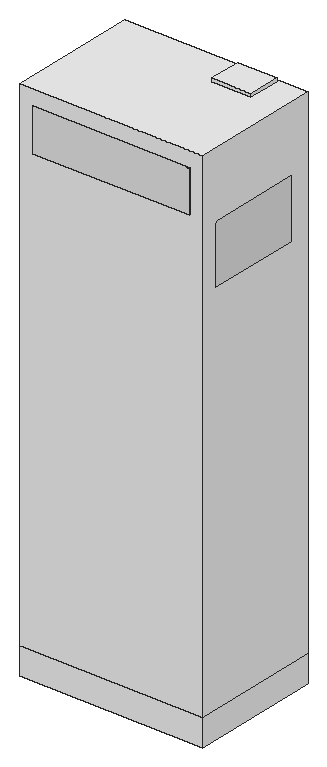
Revit family "BLAUBERG-CIVIC_EC_LB500", category Mechanical Equipment, Revit 2019
Family settings
  Round Connector Dimension = Use Diameter
  Classification = None
  Part Type = Normal
  OmniClass Number = 23.75.35.14
  OmniClass Title = Air Handling Units
  Work Plane-Based = No
  Always vertical = Yes
  Cut with Voids When Loaded = No
  Shared = No
  Room Calculation Point = No
Parameters (values of type "CIVIC EC LBE2 500 S21")
  osW = 380 mm
  osTopOfCenter = 390 mm
  osH = 240 mm
  osBack = 65 mm
  ofW = 640 mm
  ofTopOfCenter = 150 mm
  ofRightCenter = ofRight + ofW / 2  # 375 mm
  ofRight = 55 mm
  ofLeftCenter = ofLeft + ofW / 2  # 375 mm
  ofLeft = 55 mm
  ofH = 175 mm
  elConSide = 200 mm
  elConBack = 75 mm
  dW = 5 mm  # constant formula
  dL = 5 mm  # constant formula
  Weight = 194.00 kg
  W2 = 230 mm
  W1 = 290 mm
  W = 750 mm
  Voltage = 230 V
  URL = "https://blaubergventilatoren.de/en/product/civic-ec-lbe2-500-s21"
  Type Comments = "Single-room heat recovery air handling unit CIVIC EC LBE2 500 S21"
  Transported Air Temperature (°C) = "–25 …+40"
  Supply Air Filter = "G4+F8"
  Sound Pressure Level at 3 m (dBA) = 23
  Sound Pressure Level at 1 m (dBA) = 33
  SEC Class = "A"
  Reheater power = 2800 W
  RPM (min-1) = 2150
  Preheater power = 1400 W
  Power Factor = 1
  Power = Maximum Unit Power Without Electric Heater + Preheater power + Reheater power  # 4430 W
  Number of Poles = 1
  Model = "CIVIC EC LBE2 500 S21"
  Maximum Unit Power Without Electric Heater = 230 W
  Maximum Unit Current Without Electric Heater = 1.7 A
  Maximum Unit Current With Electric Heater = 20 A
  Maximum Air Flow = 580 m³/h
  Manufacturer = "Blauberg"
  Maintenance Zone Side Depth = 350 mm
  Maintenance Zone Material = Maintenance Zone
  Maintenance Zone Front Depth = 800 mm
  Maintenance Zone [instance] = no
  Load Classification = HVAC
  LevellingFeetHeightCalc [instance] = if(Levelling Feet Height > 20 mm, 20 mm, if(Levelling Feet Height < 0 mm, 0 mm, Levelling Feet Height))  # 10 mm
  Levelling Feet Height [instance] = 10 mm
  L1 = 585 mm
  L = 535 mm
  Ht = 13 mm
  Heat recovery efficiency (%) = "75..94"
  Heat Exchanger Type = "counter-flow"
  Heat Exchanger Material = "polystyrene"
  Hc = H - Hb  # 2062 mm
  Hb = 100 mm
  H2 = 328 mm
  H1 = 1833 mm
  H = 2162 mm
  Grid Material = Grid Cross
  Family Version = "1.0"  # constant formula
  Extract Air Filter = "G4x2"
  Duct Connection Diameter = 250 mm
  Drain Flow [instance] = 0.0 L/s
  Drain Connection Diameter = 8 mm
  Description = "Single-room heat recovery air handling unit"
  D1 = 247 mm
  Current = Maximum Unit Current With Electric Heater  # 20 A
  Copyright = "©Blauberg"
  Casing Material = Painted Steel White
  Apparent Power [instance] = Power / Power Factor  # 4430 VA
  Air Flow [instance] = 0 m³/h
  Air Direction Symbol [instance] = yes
Types (4, lengths in mm): name | Weight | URL | Type Comments | Reheater power | Preheater power | Power | Model | Maximum Unit Current With Electric Heater | Current | Apparent Power
  CIVIC EC LB 500 S21 | 191.00 kg | "https://blaubergventilatoren.de/en/product/civic-ec-lb-500-s21" | "Single-room heat recovery air handling unit CIVIC EC LB 500 S21" | 0 W | 0 W | 230 W | "CIVIC EC LB 500 S21" | 1.7 A | 1.7 A | 230 VA
  CIVIC EC LB 500 S14 | 191.00 kg | "https://blaubergventilatoren.de/en/product/civic-ec-lb-500-s14" | "Single-room heat recovery air handling unit CIVIC EC LB 500 S14" | 0 W | 0 W | 230 W | "CIVIC EC LB 500 S14" | 1.7 A | 1.7 A | 230 VA
  CIVIC EC LBE 500 S21 | 193.00 kg | "https://blaubergventilatoren.de/en/product/civic-ec-lbe-500-s21" | "Single-room heat recovery air handling unit CIVIC EC LBE 500 S21" | 0 W | 1400 W | 1630 W | "CIVIC EC LBE 500 S21" | 7.8 A | 7.8 A | 1630 VA
  CIVIC EC LBE2 500 S21 | 194.00 kg | "https://blaubergventilatoren.de/en/product/civic-ec-lbe2-500-s21" | "Single-room heat recovery air handling unit CIVIC EC LBE2 500 S21" | 2800 W | 1400 W | 4430 W | "CIVIC EC LBE2 500 S21" | 20 A | 20 A | 4430 VA
Reference planes
  plane 1 "Center (Front/Back)": y = 0
  plane 2: z = 0
  plane 3 "Center (Left/Right)": x = 0
  plane 4 "Front": y = -535
  plane 5 "Left": x = -375
  plane 6 "Right": x = 375
  plane 7: y = 50
  plane 8 "DuctConLeft": x = -145
  plane 9 "DuctConRight": x = 145
  plane 10: z = 10
  plane 11: z = 110
  plane 12 "DuctConHeight": z = 338
  plane 13: z = 2185
  plane 14 "Top": z = 2172
  plane 15: x = -320
  plane 16: x = 320
  plane 17: z = 2109.5
  plane 18: z = 1934.5
  plane 19 "FrontGrillCenterHeight": z = 2022
  plane 20 "SideGrillCenterHeight": z = 1782
  plane 21: z = 1902
  plane 22: z = 1662
  plane 23: y = -65
  plane 24: y = -445
  plane 25: y = -90
  plane 26: y = -470
  plane 27: z = 1902
  plane 28: z = 1662
  plane 29 "SymbolPositionLength": y = -267.5
  plane 30 "ElConRight": x = 175
  plane 31 "ElConBack": y = -75
  plane 32: x = 255
  plane 33: x = 95
  plane 34: y = -10
  plane 35: y = -140
  plane 36 "DrainConHeight": z = 35
  plane 37 "DrainConRight": x = 225
Forms (mm)
  Extrusion 1, solid, material "Painted Steel White" <- "Casing Material", detail levels medium+fine
    sketch origin (0, 0, 0) x (1, 0, 0) y (0, 1, 0)
      loop
        line (-375, 0) -> (-375, -535) -> (375, -535) -> (375, 0) -> (-375, 0)
    from 0 to 110
  Extrusion 2, solid, material "Painted Steel White" <- "Casing Material", detail levels medium+fine
    sketch origin (0, 0, 0) x (1, 0, 0) y (0, 1, 0)
      loop
        line (-375, 0) -> (-375, -535) -> (375, -535) -> (375, 0) -> (-375, 0)
    from 110 to 2172
  Extrusion 3, solid, material "Painted Steel White" <- "Casing Material", detail levels medium+fine
    sketch origin (0, 0, 0) x (1, 0, 0) y (0, 0, 1)
      loop
        circle (-145, 338) r 123.5
      loop
        circle (145, 338) r 123.5
    from 0 to -50
  Extrusion 4, solid, material "Grid Cross" <- "Grid Material", detail levels medium+fine
    sketch origin (0, -535, 0) x (-1, 0, 0) y (0, 0, 1)
      loop
        line (320, 2109.5) -> (-320, 2109.5) -> (-320, 1934.5) -> (320, 1934.5) -> (320, 2109.5)
    from 0 to -1
  Extrusion 5, solid, material "Grid Cross" <- "Grid Material", detail levels medium+fine
    sketch origin (-375, 0, 0) x (0, 1, 0) y (0, 0, 1)
      loop
        line (-65, 1902) -> (-445, 1902) -> (-445, 1662) -> (-65, 1662) -> (-65, 1902)
    from 0 to -1
  Extrusion 6, solid, material "Grid Cross" <- "Grid Material", detail levels medium+fine
    sketch origin (375, 0, 0) x (0, 1, 0) y (0, 0, 1)
      loop
        line (-470, 1902) -> (-470, 1662) -> (-90, 1662) -> (-90, 1902) -> (-470, 1902)
    from 0 to 1
  Extrusion 7, solid, material "Painted Steel White" <- "Casing Material", detail levels medium+fine
    sketch origin (0, 0, 2172) x (-1, 0, 0) y (0, -1, 0)
      loop
        line (-95, 10) -> (-95, 140) -> (-255, 140) -> (-255, 10) -> (-95, 10)
    from 0 to 13
  Extrusion 8, solid, material "Painted Steel White" <- "Casing Material", detail levels medium+fine
    sketch origin (0, 0, 0) x (1, 0, 0) y (0, 0, 1)
      loop
        circle (225, 35) r 4
    from 0 to -1
Lines and regions (mm)
  model lines, detail levels coarse
    curve 1: line (-375, 0, 338) -> (375, 0, 338)
    curve 2: line (-375, -535, 338) -> (-375, 0, 338)
    curve 3: line (375, -535, 338) -> (-375, -535, 338)
    curve 4: line (375, 0, 338) -> (375, -535, 338)
    curve 5: line (-145, 50, 338) -> (-145, 0, 338)
    curve 6: line (145, 50, 338) -> (145, 0, 338)
Dimensions and locks
  equal spacing: plane 5 "Left", plane 3 "Center (Left/Right)", plane 6 "Right"
  "W": plane 5 "Left" to plane 6 "Right"
  "W1": plane 8 "DuctConLeft" to plane 9 "DuctConRight"
  equal spacing: plane 8 "DuctConLeft", plane 3 "Center (Left/Right)", plane 9 "DuctConRight"
  "L": plane 4 "Front" to plane 1 "Center (Front/Back)"
  "L1": plane 7 to plane 4 "Front"
  "Hb": plane 11 to plane 10
  "Hc": plane 14 "Top" to plane 11
  "H2": plane 12 "DuctConHeight" to plane 10
  "Ht": plane 13 to plane 14 "Top"
  "ofLeft": plane 15 to plane 5 "Left"
  "ofW": plane 16 to plane 15
  "ofTopOfCenter": plane 14 "Top" to plane 19 "FrontGrillCenterHeight"
  equal spacing: plane 17, plane 19 "FrontGrillCenterHeight", plane 18
  "ofH": plane 17 to plane 18
  "osTopOfCenter": plane 14 "Top" to plane 20 "SideGrillCenterHeight"
  equal spacing: plane 21, plane 20 "SideGrillCenterHeight", plane 22
  "osH": plane 21 to plane 22
  "osBack": plane 1 "Center (Front/Back)" to plane 23
  "osW": plane 23 to plane 24
  equal spacing: plane 27, plane 20 "SideGrillCenterHeight", plane 28
  "osH": plane 27 to plane 28
  "osBack": plane 4 "Front" to plane 26
  "osW": plane 26 to plane 25
  equal spacing: plane 4 "Front", plane 29 "SymbolPositionLength", plane 1 "Center (Front/Back)"
  "elConBack": plane 31 "ElConBack" to plane 1 "Center (Front/Back)"
  "elConSide": plane 30 "ElConRight" to plane 6 "Right"
  equal spacing: plane 33, plane 30 "ElConRight", plane 32
  plane 33 to plane 32 = 160 mm
  equal spacing: plane 34, plane 31 "ElConBack", plane 35
  plane 34 to plane 35 = 130 mm
  "LevellingFeetHeightCalc": plane 10 to level
  locked: plane 36 "DrainConHeight" to plane 10 at 25
  locked: plane 37 "DrainConRight" to plane 6 "Right" at 150
  "D1": diameter of Extrusion 3 sketch curve  (x2)
  "Drain Connection Diameter": diameter of Extrusion 8 sketch curve
  aligned and locked: level to plane 2
  aligned and locked: plane 1 "Center (Front/Back)" to Extrusion 1 sketch curve
  aligned and locked: plane 5 "Left" to Extrusion 1 sketch curve
  aligned and locked: plane 4 "Front" to Extrusion 1 sketch curve
  aligned and locked: Extrusion 1 sketch curve to plane 6 "Right"
  aligned and locked: plane 11 to Extrusion 1
  aligned and locked: plane 1 "Center (Front/Back)" to Extrusion 2 sketch curve
  aligned and locked: plane 5 "Left" to Extrusion 2 sketch curve
  aligned and locked: plane 4 "Front" to Extrusion 2 sketch curve
  aligned and locked: Extrusion 2 sketch curve to plane 6 "Right"
  aligned and locked: plane 14 "Top" to Extrusion 2
  aligned and locked: Extrusion 2 to plane 11
  aligned and locked: plane 7 to Extrusion 3
  aligned and locked: plane 17 to Extrusion 4 sketch curve
  aligned and locked: plane 15 to Extrusion 4 sketch curve
  aligned and locked: Extrusion 4 sketch curve to plane 18
  aligned and locked: Extrusion 4 sketch curve to plane 16
  aligned and locked: plane 21 to Extrusion 5 sketch curve
  aligned and locked: Extrusion 5 sketch curve to plane 23
  aligned and locked: Extrusion 5 sketch curve to plane 22
  aligned and locked: Extrusion 5 sketch curve to plane 24
  aligned and locked: Extrusion 6 sketch curve to plane 27
  aligned and locked: plane 26 to Extrusion 6 sketch curve
  aligned and locked: plane 28 to Extrusion 6 sketch curve
  aligned and locked: Extrusion 6 sketch curve to plane 25
  aligned and locked: curve 1 to Extrusion 2
  aligned and locked: curve 2 to Extrusion 2
  aligned and locked: curve 3 to Extrusion 2
  aligned and locked: curve 5 to Extrusion 3
  aligned and locked: curve 5 to plane 8 "DuctConLeft"
  aligned and locked: curve 6 to Extrusion 3
  aligned and locked: curve 6 to plane 9 "DuctConRight"
  aligned and locked: plane 29 "SymbolPositionLength" to nested 1
  aligned and locked: nested 2 to plane 29 "SymbolPositionLength"
  aligned and locked: plane 6 "Right" to nested 1
  aligned and locked: nested 2 to plane 5 "Left"
  aligned and locked: plane 3 "Center (Left/Right)" to nested 3
  aligned and locked: nested 3 to plane 4 "Front"
  aligned and locked: plane 29 "SymbolPositionLength" to nested 4
  aligned and locked: nested 5 to plane 29 "SymbolPositionLength"
  aligned and locked: nested 5 to plane 5 "Left"
  aligned and locked: plane 6 "Right" to nested 4
  aligned and locked: nested 6 to plane 4 "Front"
  aligned and locked: plane 3 "Center (Left/Right)" to nested 6
  aligned and locked: Extrusion 7 sketch curve to plane 34
  aligned and locked: plane 33 to Extrusion 7 sketch curve
  aligned and locked: plane 35 to Extrusion 7 sketch curve
  aligned and locked: Extrusion 7 sketch curve to plane 32
  aligned and locked: plane 13 to Extrusion 7
  aligned and locked: Extrusion 1 to level
  aligned and locked: plane 3 "Center (Left/Right)" to nested 7
  aligned and locked: plane 14 "Top" to nested 7
  aligned and locked: nested 8 to plane 1 "Center (Front/Back)"
  aligned and locked: plane 14 "Top" to nested 8
  aligned and locked: plane 1 "Center (Front/Back)" to nested 9
  aligned and locked: nested 9 to plane 14 "Top"
  aligned and locked: plane 6 "Right" to nested 9
  aligned and locked: plane 5 "Left" to nested 8
Automatic sketch dimensions
  Extrusion 7 sketch curve to plane 33 = 0 mm
  curve 3 to plane 6 "Right" = 0 mm
  Extrusion 3 sketch curve to plane 8 "DuctConLeft" = 0 mm
  Extrusion 3 sketch curve to plane 9 "DuctConRight" = 0 mm
  Extrusion 3 sketch curve to plane 12 "DuctConHeight" = 0 mm  (x2)
  Extrusion 8 sketch curve to plane 36 "DrainConHeight" = 0 mm
  plane 37 "DrainConRight" to Extrusion 8 sketch curve = 0 mm
Nested families
  nested 1: "GraphicalSymbol_AirDirection_Return" at (375, -267.5, 338) x (0, 1, 0) z (0, 0, 1), type "GraphicalSymbol_AirDirection_Return", detail levels coarse
    with DistanceFromOrigin 75 mm, W 180 mm, L 150 mm
  nested 2: "GraphicalSymbol_AirDirection_Return" at (-375, -267.5, 338) x (0, -1, 0) z (0, 0, 1), type "GraphicalSymbol_AirDirection_Return", detail levels coarse
    with DistanceFromOrigin 75 mm, W 180 mm, L 150 mm
  nested 3: "GraphicalSymbol_AirDirection_Supply" at (0, -535, 338), type "GraphicalSymbol_AirDirection_Supply", detail levels coarse
    with DistanceFromOrigin 75 mm, W 180 mm, L 150 mm
  nested 4: "GraphicalSymbol_AirDirection_Return" at (375, -267.5, 1782) x (0, 1, 0) z (0, 0, 1), visible <- "Air Direction Symbol", type "GraphicalSymbol_AirDirection_Return", detail levels medium+fine
    with DistanceFromOrigin 75 mm, W 180 mm, L 150 mm
  nested 5: "GraphicalSymbol_AirDirection_Return" at (-375, -267.5, 1782) x (0, -1, 0) z (0, 0, 1), visible <- "Air Direction Symbol", type "GraphicalSymbol_AirDirection_Return", detail levels medium+fine
    with DistanceFromOrigin 75 mm, W 180 mm, L 150 mm
  nested 6: "GraphicalSymbol_AirDirection_Supply" at (0, -535, 2022), visible <- "Air Direction Symbol", type "GraphicalSymbol_AirDirection_Supply", detail levels medium+fine
    with DistanceFromOrigin 75 mm, W 180 mm, L 150 mm
  nested 7: "MaintenanceZone_Rect" at (0, -535, 1091) x (1, 0, 0) z (0, 1, 0), visible <- "Maintenance Zone", type "Front"
    with Maintenance Zone Width 2162 mm, Maintenance Zone Length 750 mm, Maintenance Zone Height 800 mm
  nested 8: "MaintenanceZone_Rect" at (-375, -267.5, 1091) x (0, -1, 0) z (1, 0, 0), visible <- "Maintenance Zone", type "Side"
    with Maintenance Zone Width 2162 mm, Maintenance Zone Length 535 mm, Maintenance Zone Height 350 mm
  nested 9: "MaintenanceZone_Rect" at (725, -267.5, 1091) x (0, 1, 0) z (1, 0, 0), visible <- "Maintenance Zone", type "Side"
    with Maintenance Zone Width 2162 mm, Maintenance Zone Length 535 mm, Maintenance Zone Height 350 mm
Connectors
  electrical at (175, -75, 2185), driven by "Number of Poles", driven by "Load Classification", driven by "Voltage", driven by "Apparent Power", driven by "Power Factor"
    settings: on Extrusion 7, index 1, voltage 230 V, apparent load 4430 VA, apparent load phase1 0 VA, apparent load phase2 0 VA, apparent load phase3 0 VA, power factor 1, load classification "HVAC", number of poles 1, system type 30, power factor state 1, is connector primary yes, connector utility no, sub classification motor no, connector description ""
  hvac at (-145, 50, 338), driven by "Duct Connection Diameter", driven by "Air Flow"
    settings: on Extrusion 3, index 2, duct flow 0 m³/h, flow factor 0, pres drop 0.0 Pa, loss coef 0, conn angle 0.00°, conn width 304.8 mm, conn height 304.8 mm, conn diameter 250 mm, duct sys type 3, conn prof type 0, flow config 1, flow direction 2, loss method 0, conn ref index -1, conn util no, is conn primary yes, conn desc "Exhaust air"
  hvac at (145, 50, 338), driven by "Duct Connection Diameter", driven by "Air Flow"
    settings: on Extrusion 3, index 3, duct flow 0 m³/h, flow factor 0, pres drop 0.0 Pa, loss coef 0, conn angle 0.00°, conn width 304.8 mm, conn height 304.8 mm, conn diameter 250 mm, duct sys type 1, conn prof type 0, flow config 1, flow direction 1, loss method 0, conn ref index -1, conn util no, is conn primary no, conn desc "Intake air"
  piping at (225, 1, 35), diameter 8, driven by "Drain Connection Diameter", driven by "Drain Flow"
    settings: on Extrusion 8, index 4, connector inside diameter 609.6 mm, connector length 0 mm, flow factor 0, pipe flow 0.0 L/s, pressure drop 0.0 Pa, fitting loss kfactor 0, connector angle 0.00°, fixture units 0, engagement length 0 mm, angle of deflection 0.00°, flow configuration 1, flow direction 2, fitting loss method 0, system type 16, joint type 0, gender type 0, connector reference index -1, connector utility 0, adjustable connector no, is connector primary yes, connector description "Drain"
Definition of nested family "MaintenanceZone_Rect"
  Parameters (values of type "MaintenanceZone_Rect")
    Maintenance Zone Width = 500 mm
    Material = none
    Maintenance Zone Length = 1000 mm
    Maintenance Zone Height = 300 mm
    Family Version = ""
    Default Elevation = 1219.2 mm
    Copyright = ""
  Reference planes
    plane 1 "Center (Front/Back)": y = 0
    plane 2: z = 0
    plane 3 "Center (Left/Right)": x = 0
    plane 4: x = -500
    plane 5: x = 500
    plane 6: y = 250
    plane 7: y = -250
    plane 8: z = -300
  Forms (mm)
    Extrusion 1, solid, material <- "Material", detail levels medium+fine
      sketch origin (0, 0, 0) x (1, 0, 0) y (0, 1, 0)
        loop
          line (-500, 250) -> (-500, -250) -> (500, -250) -> (500, 250) -> (-500, 250)
      from 0 to -300
  Lines and regions (mm)
    symbolic lines, detail levels medium+fine
      curve 1: line (-500, 0, 0) -> (500, 0, 0)
      curve 2: line (-500, 0, -300) -> (-500, 0, 0)
      curve 3: line (500, 0, -300) -> (-500, 0, -300)
      curve 4: line (500, 0, 0) -> (500, 0, -300)
      curve 5: line (0, 250, 0) -> (0, -250, 0)
      curve 6: line (0, 250, -300) -> (0, 250, 0)
      curve 7: line (0, -250, -300) -> (0, 250, -300)
      curve 8: line (0, -250, 0) -> (0, -250, -300)
      curve 9: line (-500, 250, 0) -> (500, 250, 0)
      curve 10: line (-500, -250, 0) -> (-500, 250, 0)
      curve 11: line (500, -250, 0) -> (-500, -250, 0)
      curve 12: line (500, 250, 0) -> (500, -250, 0)
  Dimensions and locks
    equal spacing: plane 6, plane 1 "Center (Front/Back)", plane 7
    equal spacing: plane 4, plane 3 "Center (Left/Right)", plane 5
    "Maintenance Zone Width": plane 6 to plane 7
    "Maintenance Zone Length": plane 4 to plane 5
    "Maintenance Zone Height": plane 2 to plane 8
    aligned and locked: level to plane 2
    aligned and locked: Extrusion 1 sketch curve to plane 6
    aligned and locked: plane 4 to Extrusion 1 sketch curve
    aligned and locked: plane 7 to Extrusion 1 sketch curve
    aligned and locked: Extrusion 1 sketch curve to plane 5
    aligned and locked: Extrusion 1 to plane 8
    aligned and locked: curve 1 to Extrusion 1
    aligned and locked: curve 2 to Extrusion 1
    aligned and locked: curve 3 to Extrusion 1
    aligned and locked: curve 4 to Extrusion 1
    aligned and locked: curve 5 to Extrusion 1
    aligned and locked: curve 6 to Extrusion 1
    aligned and locked: curve 7 to Extrusion 1
    aligned and locked: curve 8 to Extrusion 1
    aligned and locked: curve 9 to Extrusion 1
    aligned and locked: curve 10 to Extrusion 1
    aligned and locked: curve 11 to Extrusion 1
    aligned and locked: curve 12 to Extrusion 1
Definition of nested family "GraphicalSymbol_AirDirection_Return"
  Parameters (values of type "GraphicalSymbol_AirDirection_Return")
    DistanceFromOrigin = 30 mm
    Default Elevation = 1219.2 mm
    W = 1.2 * L  # 60 mm
    L = 50 mm
  Reference planes
    plane 1 "Center (Front/Back)": y = 0
    plane 2: z = 0
    plane 3 "Center (Left/Right)": x = 0
    plane 4: y = -30
    plane 5: y = -80
    plane 6: x = -30
    plane 7: x = 30
  Lines and regions (mm)
    model lines
      curve 1: line (-30, -80, 0) -> (30, -80, 0)
      curve 2: line (30, -80, 0) -> (0, -30, 0)
      curve 3: line (0, -30, 0) -> (-30, -80, 0)
  Dimensions and locks
    equal spacing: plane 6, plane 3 "Center (Left/Right)", plane 7
    "DistanceFromOrigin": plane 4 to plane 1 "Center (Front/Back)"
    "L": plane 4 to plane 5
    "W": plane 6 to plane 7
    aligned and locked: level to plane 2
  Automatic sketch dimensions
    curve 1 to plane 5 = 0 mm
    curve 1 to plane 6 = 0 mm
    curve 3 to plane 3 "Center (Left/Right)" = 0 mm
    curve 2 to plane 7 = 0 mm
    curve 2 to plane 4 = 0 mm
Definition of nested family "GraphicalSymbol_AirDirection_Supply"
  Parameters (values of type "GraphicalSymbol_AirDirection_Supply")
    DistanceFromOrigin = 30 mm
    Default Elevation = 1219.2 mm
    W = 1.2 * L  # 60 mm
    L = 50 mm
  Reference planes
    plane 1 "Center (Front/Back)": y = 0
    plane 2: z = 0
    plane 3 "Center (Left/Right)": x = 0
    plane 4: y = -30
    plane 5: y = -80
    plane 6: x = -30
    plane 7: x = 30
  Lines and regions (mm)
    model lines
      curve 1: line (-30, -30, 0) -> (30, -30, 0)
      curve 2: line (30, -30, 0) -> (0, -80, 0)
      curve 3: line (0, -80, 0) -> (-30, -30, 0)
  Dimensions and locks
    equal spacing: plane 6, plane 3 "Center (Left/Right)", plane 7
    "DistanceFromOrigin": plane 4 to plane 1 "Center (Front/Back)"
    "L": plane 4 to plane 5
    "W": plane 6 to plane 7
    aligned and locked: level to plane 2
  Automatic sketch dimensions
    curve 3 to plane 6 = 0 mm
    curve 1 to plane 4 = 0 mm
    curve 2 to plane 3 "Center (Left/Right)" = 0 mm
    curve 2 to plane 7 = 0 mm
    curve 2 to plane 5 = 0 mm
